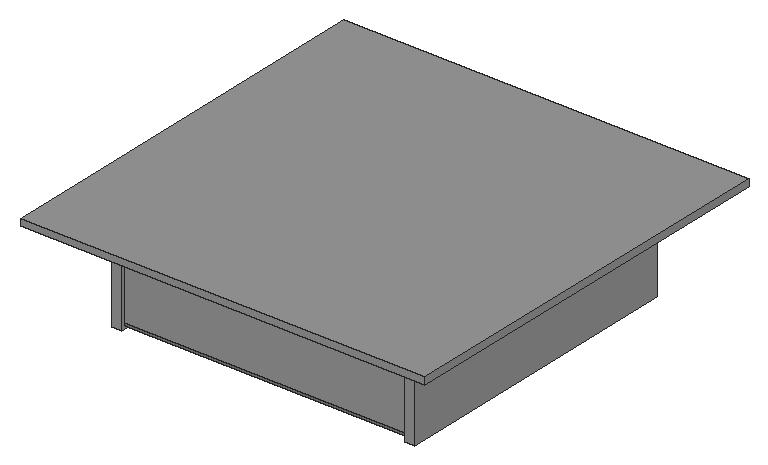
Revit family "Berica 2.0 M", category Lighting Fixtures, Revit 2020 (continued)
Definition of nested family "Light Source Berica 2.0"
  Types (4, lengths in mm): name | Photometric Web File | built-in parameter 1150142
      6 162.95 178.04 186.96 193.61 199.80 205.18 210.14 \r\n214.28 217.70 220.72 222.79 224.50 225.32 225.31 224.42 \r\n222.75 220.70 217.83 214.43 210.29 205.62 200.62 195.00 \r\n189.25 183.21 176.93 170.81 164.48 157.75 151.67 144.99 \r\n137.30 \r\n137.30 143.85 150.48 156.74 163.35 169.07 175.73 181.72 \r\n187.85 193.27 199.22 203.69 208.21 212.24 215.46 218.03 \r\n220.08 221.60 222.18 221.89 220.92 218.99 216.71 213.74 \r\n210.00 205.45 200.32 194.46 188.70 181.56 171.02 153.08 \r\n134.09 116.59 93.47 76.09 60.52 50.23 41.21 33.47 27.23 \r\n23.89 18.72 13.80 9.30 6.09 3.98 2.40 2.06 1.82 1.62 1.37 \r\n1.15 0.86 0.56 0.28 0.08 0.02 0.01 0.01 0.01 0.01 0.01 \r\n0.01 0.02 0.02 0.02 0.02 0.02 0.03 0.03 0.04 0.05 0.05 \r\n0.06 0.06 0.06 0.06 0.06 0.06 0.06 0.06 0.07 0.06 0.06 \r\n0.06 0.06 0.06 0.06 0.06 0.06 0.06 0.06 0.06 0.06 0.06 \r\n0.06 0.06 0.07 0.06 0.06 0.06 0.06 0.06 0.06 0.06 0.06 \r\n0.05 0.05 0.04 0.03 0.03 0.02 0.02 0.02 0.02 0.02 0.01 \r\n0.01 0.01 0.01 0.01 0.01 0.02 0.08 0.28 0.56 0.86 1.15 \r\n1.37 1.62 1.82 2.06 2.40 3.98 6.09 9.30 13.80 18.72 23.89 \r\n27.23 33.47 41.21 50.23 60.52 76.09 93.47 116.59 134.09 \r\n153.08 171.02 181.56 188.70 194.46 200.32 205.45 210.00 \r\n213.74 216.71 218.99 220.92 221.89 222.18 221.60 220.08 \r\n218.03 215.46 212.24 208.21 203.69 199.22 193.27 187.85 \r\n181.72 175.73 169.07 163.35 156.74 150.48 143.85 137.30 \r\n137.30 144.99 151.67 157.75 164.48 170.81 176.93 183.21 \r\n189.25 195.00 200.62 205.62 210.29 214.43 217.83 220.70 \r\n222.75 224.42 225.31 225.32 224.50 222.79 220.72 217.70 \r\n214.28 210.14 205.18 199.80 193.61 186.96 178.04 162.95 \r\n143.06 124.54 102.65 84.20 67.24 55.45 45.41 36.99 29.53 \r\n25.60 21.44 16.11 11.29 7.41 5.02 2.80 2.22 1.95 1.73 \r\n1.50 1.24 0.99 0.73 0.39 0.16 0.02 0.01 0.01 0.01 0.01 \r\n0.01 0.01 0.01 0.01 0.01 0.01 0.02 0.02 0.02 0.02 0.03 \r\n0.03 0.04 0.04 0.04 0.05 0.05 0.05 0.05 0.05 0.06 0.06 \r\n0.06 0.06 0.06 0.06 0.06 0.06 0.06 0.06 0.06 0.06 0.06 \r\n0.06 0.06 0.06 0.06 0.05 0.05 0.05 0.05 0.05 0.04 0.04 \r\n0.04 0.03 0.03 0.02 0.02 0.02 0.02 0.01 0.01 0.01 0.01 \r\n0.01 0.01 0.01 0.01 0.01 0.01 0.02 0.16 0.39 0.73 0.99 \r\n1.24 1.50 1.73 1.95 2.22 2.80 5.02 7.41 11.29 16.11 21.44 \r\n25.60 29.53 36.99 45.41 55.45 67.24 84.20 102.65 124.54 \r\n143.06 162.95 178.04 186.96 193.61 199.80 205.18 210.14 \r\n214.28 217.70 220.72 222.79 224.50 225.32 225.31 224.42 \r\n222.75 220.70 217.83 214.43 210.29 205.62 200.62 195.00 \r\n189.25 183.21 176.93 170.81 164.48 157.75 151.67 144.99 \r\n137.30 \r\n137.30 144.58 151.03 157.74 164.37 170.12 176.16 182.08 \r\n188.24 194.09 199.60 204.19 209.08 212.96 216.58 219.33 \r\n221.65 223.41 224.28 224.42 223.75 222.22 220.07 217.41 \r\n214.12 209.81 205.50 200.36 194.43 188.08 180.54 166.56 \r\n147.80 129.30 109.94 89.09 71.27 58.63 47.97 39.64 31.75 \r\n27.03 22.87 17.86 12.50 8.75 5.69 3.51 2.34 2.02 1.79 \r\n1.57 1.32 1.06 0.81 0.48 0.23 0.03 0.01 0.01 0.01 0.01 \r\n0.01 0.01 0.01 0.01 0.01 0.01 0.01 0.01 0.02 0.02 0.02 \r\n0.02 0.03 0.03 0.03 0.04 0.04 0.04 0.04 0.05 0.05 0.05 \r\n0.05 0.05 0.06 0.06 0.06 0.06 0.06 0.06 0.06 0.06 0.06 \r\n0.05 0.05 0.05 0.05 0.05 0.04 0.04 0.04 0.04 0.03 0.03 \r\n0.03 0.02 0.02 0.02 0.02 0.01 0.01 0.01 0.01 0.01 0.01 \r\n0.01 0.01 0.01 0.01 0.01 0.01 0.03 0.23 0.48 0.81 1.06 \r\n1.32 1.57 1.79 2.02 2.34 3.51 5.69 8.75 12.50 17.86 22.87 \r\n27.03 31.75 39.64 47.97 58.63 71.27 89.09 109.94 129.30 \r\n147.80 166.56 180.54 188.08 194.43 200.36 205.50 209.81 \r\n214.12 217.41 220.07 222.22 223.75 224.42 224.28 223.41 \r\n221.65 219.33 216.58 212.96 209.08 204.19 199.60 194.09 \r\n188.24 182.08 176.16 170.12 164.37 157.74 151.03 144.58 \r\n137.30 \r\n137.30 144.97 150.95 157.84 163.88 170.28 175.59 181.73 \r\n187.82 193.56 198.78 203.50 208.22 212.06 215.67 218.52 \r\n220.98 222.54 223.80 224.18 223.69 222.32 220.42 217.87 \r\n215.12 211.04 206.80 202.03 196.45 190.37 183.91 174.05 \r\n157.56 138.22 119.95 99.25 79.90 65.48 53.44 44.72 36.14 \r\n29.42 25.77 21.21 15.74 10.96 7.35 4.74 2.69 2.18 1.92 \r\n1.70 1.47 1.19 0.94 0.68 0.35 0.12 0.01 0.01 0.01 0.01 \r\n0.01 0.01 0.01 0.01 0.01 0.01 0.01 0.01 0.01 0.01 0.01 \r\n0.02 0.02 0.02 0.02 0.02 0.03 0.03 0.03 0.03 0.03 0.04 \r\n0.04 0.04 0.04 0.04 0.04 0.04 0.04 0.04 0.04 0.04 0.04 \r\n0.04 0.04 0.04 0.03 0.03 0.03 0.03 0.03 0.02 0.02 0.02 \r\n0.02 0.02 0.01 0.01 0.01 0.01 0.01 0.01 0.01 0.01 0.01 \r\n0.01 0.01 0.01 0.01 0.01 0.01 0.12 0.35 0.68 0.94 1.19 \r\n1.47 1.70 1.92 2.18 2.69 4.74 7.35 10.96 15.74 21.21 \r\n25.77 29.42 36.14 44.72 53.44 65.48 79.90 99.25 119.95 \r\n138.22 157.56 174.05 183.91 190.37 196.45 202.03 206.80 \r\n211.04 215.12 217.87 220.42 222.32 223.69 224.18 223.80 \r\n222.54 220.98 218.52 215.67 212.06 208.22 203.50 198.78 \r\n193.56 187.82 181.73 175.59 170.28 163.88 157.84 150.95 \r\n144.97 137.30 \r\n137.30 144.44 150.84 157.01 163.20 168.74 174.75 180.24 \r\n186.38 191.34 196.69 201.43 206.34 210.09 213.55 216.60 \r\n218.87 220.66 221.99 222.68 222.54 221.53 219.77 217.63 \r\n215.04 211.82 207.91 203.40 198.40 192.95 187.05 180.15 \r\n167.82 150.94 132.71 114.61 94.32 76.77 63.26 51.88 43.08 \r\n34.64 28.90 24.97 20.41 14.82 10.42 6.73 4.25 2.54 2.13 \r\n1.86 1.64 1.37 1.12 0.86 0.58 0.29 0.05 0.01 0.01 0.01 \r\n0.01 0.01 0.01 0.01 0.01 0.01 0.01 0.01 0.01 0.01 0.01 \r\n0.01 0.01 0.01 0.01 0.02 0.02 0.02 0.02 0.02 0.02 0.02 \r\n0.02 0.02 0.02 0.02 0.02 0.02 0.02 0.02 0.02 0.02 0.02 \r\n0.02 0.02 0.02 0.02 0.02 0.02 0.02 0.02 0.02 0.01 0.01 \r\n0.01 0.01 0.01 0.01 0.01 0.01 0.01 0.01 0.01 0.01 0.01 \r\n0.01 0.01 0.01 0.01 0.01 0.05 0.29 0.58 0.86 1.12 1.37 \r\n1.64 1.86 2.13 2.54 4.25 6.73 10.42 14.82 20.41 24.97 \r\n28.90 34.64 43.08 51.88 63.26 76.77 94.32 114.61 132.71 \r\n150.94 167.82 180.15 187.05 192.95 198.40 203.40 207.91 \r\n211.82 215.04 217.63 219.77 221.53 222.54 222.68 221.99 \r\n220.66 218.87 216.60 213.55 210.09 206.34 201.43 196.69 \r\n191.34 186.38 180.24 174.75 168.74 163.20 157.01 150.84 \r\n144.44 137.30 \r\n137.30 143.95 150.06 155.91 161.97 167.55 173.17 178.39 \r\n184.23 189.43 194.37 199.12 203.40 207.42 210.74 213.82 \r\n216.31 218.26 219.67 220.57 220.80 220.18 218.91 217.04 \r\n214.84 212.24 208.65 204.93 200.41 195.55 190.18 184.52 \r\n177.70 165.54 149.95 130.90 113.35 94.78 77.57 63.85 \r\n53.69 43.61 35.34 29.16 25.56 20.68 15.42 10.73 7.17 4.62 \r\n2.52 2.14 1.85 1.65 1.35 1.12 0.87 0.56 0.24 0.04 0.01 \r\n0.01 0.01 0.01 0.01 0.01 0.01 0.01 0.01 0.01 0.01 0.01 \r\n0.01 0.01 0.01 0.01 0.01 0.01 0.01 0.01 0.01 0.01 0.01 \r\n0.01 0.01 0.01 0.01 0.01 0.01 0.01 0.01 0.01 0.01 0.01 \r\n0.01 0.01 0.01 0.01 0.01 0.01 0.01 0.01 0.01 0.01 0.01 \r\n0.01 0.01 0.01 0.01 0.01 0.01 0.01 0.01 0.01 0.01 0.01 \r\n0.01 0.01 0.01 0.01 0.01 0.04 0.24 0.56 0.87 1.12 1.35 \r\n1.65 1.85 2.14 2.52 4.62 7.17 10.73 15.42 20.68 25.56 \r\n29.16 35.34 43.61 53.69 63.85 77.57 94.78 113.35 130.90 \r\n149.95 165.54 177.70 184.52 190.18 195.55 200.41 204.93 \r\n208.65 212.24 214.84 217.04 218.91 220.18 220.80 220.57 \r\n219.67 218.26 216.31 213.82 210.74 207.42 203.40 199.12 \r\n194.37 189.43 184.23 178.39 173.17 167.55 161.97 155.91 \r\n150.06 143.95 137.30 \r\n137.30 143.51 149.29 155.16 160.66 166.13 171.03 176.54 \r\n181.47 186.64 191.35 195.89 199.91 204.34 207.55 210.59 \r\n212.98 214.98 216.49 217.67 218.18 218.14 217.41 216.08 \r\n214.09 211.82 209.04 205.67 201.95 197.86 193.10 187.90 \r\n183.02 176.17 166.51 150.73 134.76 116.54 100.08 81.72 \r\n68.12 56.28 47.14 38.17 30.95 27.04 22.77 17.73 12.35 \r\n8.27 5.29 2.85 2.21 1.91 1.68 1.40 1.15 0.92 0.60 0.29 \r\n0.06 0.02 0.01 0.01 0.01 0.01 0.01 0.01 0.01 0.01 0.01 \r\n0.01 0.01 0.01 0.01 0.01 0.01 0.01 0.01 0.01 0.01 0.01 \r\n0.01 0.01 0.01 0.01 0.01 0.01 0.01 0.01 0.01 0.01 0.01 \r\n0.01 0.01 0.01 0.01 0.01 0.01 0.01 0.01 0.01 0.01 0.01 \r\n0.01 0.01 0.01 0.01 0.01 0.01 0.01 0.01 0.01 0.01 0.01 \r\n0.01 0.01 0.01 0.01 0.02 0.06 0.29 0.60 0.92 1.15 1.40 \r\n1.68 1.91 2.21 2.85 5.29 8.27 12.35 17.73 22.77 27.04 \r\n30.95 38.17 47.14 56.28 68.12 81.72 100.08 116.54 134.76 \r\n150.73 166.51 176.17 183.02 187.90 193.10 197.86 201.95 \r\n205.67 209.04 211.82 214.09 216.08 217.41 218.14 218.18 \r\n217.67 216.49 214.98 212.98 210.59 207.55 204.34 199.91 \r\n195.89 191.35 186.64 181.47 176.54 171.03 166.13 160.66 \r\n155.16 149.29 143.51 137.30 \r\n137.30 142.56 148.55 153.40 158.79 164.05 168.48 173.63 \r\n178.13 183.22 187.66 191.99 195.78 199.83 202.92 206.03 \r\n208.33 210.51 212.14 213.36 214.11 214.54 214.36 213.61 \r\n212.10 210.17 207.83 205.41 202.39 199.02 194.90 190.77 \r\n185.96 180.99 175.24 168.18 155.97 141.29 126.15 108.57 \r\n92.13 76.12 64.16 52.52 44.05 34.79 29.53 25.77 21.23 \r\n15.86 10.84 6.96 3.90 2.38 2.03 1.76 1.53 1.25 1.00 0.73 \r\n0.40 0.13 0.02 0.02 0.01 0.01 0.01 0.01 0.01 0.01 0.01 \r\n0.01 0.01 0.01 0.01 0.01 0.01 0.01 0.01 0.01 0.01 0.01 \r\n0.01 0.01 0.01 0.01 0.01 0.01 0.01 0.01 0.01 0.01 0.01 \r\n0.01 0.01 0.01 0.01 0.01 0.01 0.01 0.01 0.01 0.01 0.01 \r\n0.01 0.01 0.01 0.01 0.01 0.01 0.01 0.01 0.01 0.01 0.01 \r\n0.01 0.01 0.02 0.02 0.13 0.40 0.73 1.00 1.25 1.53 1.76 \r\n2.03 2.38 3.90 6.96 10.84 15.86 21.23 25.77 29.53 34.79 \r\n44.05 52.52 64.16 76.12 92.13 108.57 126.15 141.29 155.97 \r\n168.18 175.24 180.99 185.96 190.77 194.90 199.02 202.39 \r\n205.41 207.83 210.17 212.10 213.61 214.36 214.54 214.11 \r\n213.36 212.14 210.51 208.33 206.03 202.92 199.83 195.78 \r\n191.99 187.66 183.22 178.13 173.63 168.48 164.05 158.79 \r\n153.40 148.55 142.56 137.30 \r\n137.30 143.32 148.07 153.15 157.80 162.67 167.34 171.68 \r\n176.24 180.26 184.73 188.72 192.51 196.28 199.38 202.25 \r\n204.71 206.73 208.46 209.86 210.82 211.37 211.62 211.30 \r\n210.48 209.21 207.23 205.06 202.63 199.84 196.68 193.43 \r\n189.49 185.33 180.51 175.71 170.41 162.97 150.41 136.79 \r\n121.81 106.83 90.15 74.86 63.45 52.64 43.32 34.39 29.32 \r\n25.77 21.01 15.36 10.50 6.65 3.52 2.27 1.95 1.69 1.40 \r\n1.15 0.90 0.58 0.28 0.05 0.02 0.02 0.02 0.01 0.01 0.01 \r\n0.01 0.01 0.01 0.01 0.01 0.01 0.01 0.01 0.01 0.01 0.01 \r\n0.01 0.01 0.01 0.01 0.01 0.01 0.01 0.01 0.01 0.01 0.01 \r\n0.01 0.01 0.01 0.01 0.01 0.01 0.01 0.01 0.01 0.01 0.01 \r\n0.01 0.01 0.01 0.01 0.01 0.01 0.01 0.01 0.01 0.01 0.01 \r\n0.02 0.02 0.02 0.05 0.28 0.58 0.90 1.15 1.40 1.69 1.95 \r\n2.27 3.52 6.65 10.50 15.36 21.01 25.77 29.32 34.39 43.32 \r\n52.64 63.45 74.86 90.15 106.83 121.81 136.79 150.41 \r\n162.97 170.41 175.71 180.51 185.33 189.49 193.43 196.68 \r\n199.84 202.63 205.06 207.23 209.21 210.48 211.30 211.62 \r\n211.37 210.82 209.86 208.46 206.73 204.71 202.25 199.38 \r\n196.28 192.51 188.72 184.73 180.26 176.24 171.68 167.34 \r\n162.67 157.80 153.15 148.07 143.32 137.30 \r\n137.30 142.51 147.02 151.45 156.05 160.24 164.74 168.71 \r\n172.72 176.57 180.69 184.14 187.59 190.69 193.87 196.63 \r\n198.88 200.93 202.68 204.05 205.05 205.81 206.19 206.23 \r\n205.97 205.25 204.04 202.20 200.16 197.78 195.43 192.77 \r\n189.58 186.19 182.38 178.40 173.94 169.36 164.55 158.32 \r\n148.65 135.51 122.61 107.86 93.32 78.38 66.52 54.94 45.65 \r\n36.24 30.15 26.35 22.04 16.36 11.09 7.14 3.72 2.27 1.94 \r\n1.66 1.37 1.09 0.85 0.54 0.20 0.03 0.02 0.02 0.02 0.02 \r\n0.02 0.02 0.02 0.02 0.02 0.02 0.02 0.02 0.02 0.02 0.02 \r\n0.02 0.02 0.02 0.02 0.02 0.02 0.02 0.02 0.02 0.02 0.02 \r\n0.02 0.02 0.02 0.02 0.02 0.02 0.02 0.02 0.02 0.02 0.02 \r\n0.02 0.02 0.02 0.02 0.02 0.02 0.02 0.02 0.02 0.02 0.02 \r\n0.02 0.03 0.20 0.54 0.85 1.09 1.37 1.66 1.94 2.27 3.72 \r\n7.14 11.09 16.36 22.04 26.35 30.15 36.24 45.65 54.94 \r\n66.52 78.38 93.32 107.86 122.61 135.51 148.65 158.32 \r\n164.55 169.36 173.94 178.40 182.38 186.19 189.58 192.77 \r\n195.43 197.78 200.16 202.20 204.04 205.25 205.97 206.23 \r\n206.19 205.81 205.05 204.05 202.68 200.93 198.88 196.63 \r\n193.87 190.69 187.59 184.14 180.69 176.57 172.72 168.71 \r\n164.74 160.24 156.05 151.45 147.02 142.51 137.30 \r\n137.30 142.06 146.28 150.28 154.29 158.31 161.98 165.76 \r\n169.34 172.74 176.03 179.45 182.31 185.36 188.18 190.58 \r\n192.86 194.74 196.35 197.71 198.83 199.52 200.04 200.19 \r\n200.15 199.85 199.13 198.09 196.65 194.67 192.55 190.02 \r\n187.64 184.81 181.70 178.46 174.94 170.85 166.85 162.47 \r\n158.48 153.61 147.12 136.83 125.43 113.00 100.13 86.36 \r\n72.85 61.64 50.60 41.94 32.23 27.66 23.86 19.15 13.43 \r\n8.90 4.76 2.59 1.99 1.68 1.38 1.10 0.87 0.58 0.26 0.08 \r\n0.07 0.06 0.06 0.06 0.05 0.05 0.05 0.04 0.04 0.04 0.03 \r\n0.03 0.03 0.03 0.02 0.02 0.02 0.02 0.02 0.02 0.02 0.02 \r\n0.02 0.02 0.02 0.02 0.02 0.02 0.02 0.02 0.02 0.03 0.03 \r\n0.03 0.03 0.04 0.04 0.04 0.05 0.05 0.05 0.06 0.06 0.06 \r\n0.07 0.08 0.26 0.58 0.87 1.10 1.38 1.68 1.99 2.59 4.76 \r\n8.90 13.43 19.15 23.86 27.66 32.23 41.94 50.60 61.64 \r\n72.85 86.36 100.13 113.00 125.43 136.83 147.12 153.61 \r\n158.48 162.47 166.85 170.85 174.94 178.46 181.70 184.81 \r\n187.64 190.02 192.55 194.67 196.65 198.09 199.13 199.85 \r\n200.15 200.19 200.04 199.52 198.83 197.71 196.35 194.74 \r\n192.86 190.58 188.18 185.36 182.31 179.45 176.03 172.74 \r\n169.34 165.76 161.98 158.31 154.29 150.28 146.28 142.06 \r\n137.30 \r\n137.30 141.37 145.14 148.78 152.20 155.75 158.97 162.37 \r\n165.49 168.42 171.02 173.91 176.53 179.08 181.49 183.61 \r\n185.47 187.24 188.67 189.96 190.90 191.58 192.12 192.29 \r\n192.30 192.09 191.53 190.76 189.77 188.44 186.95 185.17 \r\n182.87 180.22 177.47 174.56 171.65 168.39 165.12 161.55 \r\n157.86 153.92 149.68 145.40 140.86 135.54 128.14 117.71 \r\n106.86 95.27 83.42 70.64 59.17 48.84 39.34 31.06 25.73 \r\n22.42 17.65 12.47 7.62 4.00 2.17 1.80 1.51 1.22 0.96 0.72 \r\n0.42 0.19 0.17 0.15 0.14 0.13 0.12 0.11 0.10 0.09 0.08 \r\n0.07 0.06 0.05 0.05 0.04 0.03 0.03 0.03 0.03 0.03 0.03 \r\n0.03 0.03 0.03 0.03 0.03 0.03 0.03 0.04 0.05 0.05 0.06 \r\n0.07 0.08 0.09 0.10 0.11 0.12 0.13 0.14 0.15 0.17 0.19 \r\n0.42 0.72 0.96 1.22 1.51 1.80 2.17 4.00 7.62 12.47 17.65 \r\n22.42 25.73 31.06 39.34 48.84 59.17 70.64 83.42 95.27 \r\n106.86 117.71 128.14 135.54 140.86 145.40 149.68 153.92 \r\n157.86 161.55 165.12 168.39 171.65 174.56 177.47 180.22 \r\n182.87 185.17 186.95 188.44 189.77 190.76 191.53 192.09 \r\n192.30 192.29 192.12 191.58 190.90 189.96 188.67 187.24 \r\n185.47 183.61 181.49 179.08 176.53 173.91 171.02 168.42 \r\n165.49 162.37 158.97 155.75 152.20 148.78 145.14 141.37 \r\n137.30 \r\n137.30 140.89 144.32 147.29 150.23 153.33 156.18 159.03 \r\n161.66 164.10 166.40 168.62 170.55 172.95 174.67 176.46 \r\n178.01 179.47 180.66 181.63 182.45 183.01 183.41 183.56 \r\n183.45 183.22 182.69 182.06 181.08 179.94 178.64 177.13 \r\n175.28 173.32 170.89 168.52 165.67 162.60 159.65 156.36 \r\n153.39 149.78 146.28 142.51 138.59 134.77 130.71 126.26 \r\n122.15 117.22 110.16 101.17 91.44 81.88 71.03 59.41 49.64 \r\n40.29 30.72 24.85 21.09 17.23 12.47 7.81 4.48 2.82 2.29 \r\n1.99 1.66 1.37 1.09 0.80 0.67 0.61 0.54 0.48 0.42 0.35 \r\n0.29 0.24 0.19 0.14 0.11 0.08 0.06 0.05 0.04 0.04 0.03 \r\n0.03 0.03 0.03 0.03 0.04 0.04 0.05 0.06 0.08 0.11 0.14 \r\n0.19 0.24 0.29 0.35 0.42 0.48 0.54 0.61 0.67 0.80 1.09 \r\n1.37 1.66 1.99 2.29 2.82 4.48 7.81 12.47 17.23 21.09 \r\n24.85 30.72 40.29 49.64 59.41 71.03 81.88 91.44 101.17 \r\n110.16 117.22 122.15 126.26 130.71 134.77 138.59 142.51 \r\n146.28 149.78 153.39 156.36 159.65 162.60 165.67 168.52 \r\n170.89 173.32 175.28 177.13 178.64 179.94 181.08 182.06 \r\n182.69 183.22 183.45 183.56 183.41 183.01 182.45 181.63 \r\n180.66 179.47 178.01 176.46 174.67 172.95 170.55 168.62 \r\n166.40 164.10 161.66 159.03 156.18 153.33 150.23 147.29 \r\n144.32 140.89 137.30 \r\n137.30 140.16 143.06 145.38 148.06 150.47 152.93 155.16 \r\n157.36 159.41 161.22 162.84 164.40 165.76 167.21 168.44 \r\n169.63 170.61 171.44 172.12 172.57 172.94 173.10 173.07 \r\n172.84 172.46 171.84 171.09 170.18 168.95 167.75 166.18 \r\n164.48 162.67 160.67 158.61 156.10 153.65 150.90 148.26 \r\n144.98 141.71 138.01 134.72 131.29 127.64 124.18 120.48 \r\n116.78 112.66 108.92 104.73 100.86 96.41 91.67 85.11 \r\n77.19 68.95 60.77 51.74 42.27 33.64 25.85 21.36 18.09 \r\n14.94 10.94 7.20 4.91 4.06 3.52 3.12 2.66 2.25 1.86 1.61 \r\n1.39 1.17 0.98 0.79 0.63 0.48 0.37 0.26 0.19 0.13 0.08 \r\n0.05 0.04 0.04 0.04 0.04 0.04 0.05 0.08 0.13 0.19 0.26 \r\n0.37 0.48 0.63 0.79 0.98 1.17 1.39 1.61 1.86 2.25 2.66 \r\n3.12 3.52 4.06 4.91 7.20 10.94 14.94 18.09 21.36 25.85 \r\n33.64 42.27 51.74 60.77 68.95 77.19 85.11 91.67 96.41 \r\n100.86 104.73 108.92 112.66 116.78 120.48 124.18 127.64 \r\n131.29 134.72 138.01 141.71 144.98 148.26 150.90 153.65 \r\n156.10 158.61 160.67 162.67 164.48 166.18 167.75 168.95 \r\n170.18 171.09 171.84 172.46 172.84 173.07 173.10 172.94 \r\n172.57 172.12 171.44 170.61 169.63 168.44 167.21 165.76 \r\n164.40 
